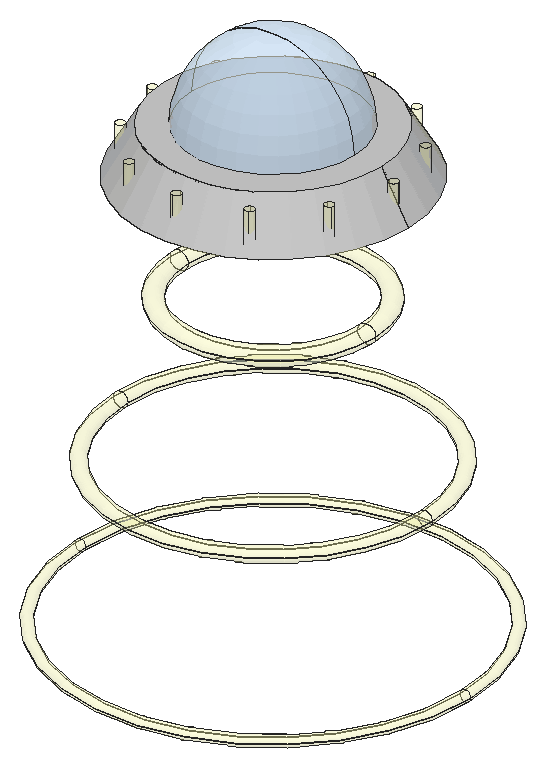
Revit family "UFO_unit", category Generic Models, Revit 2020
Family settings
  Can host rebar = No
  Round Connector Dimension = Use Diameter
  Part Type = Normal
  Work Plane-Based = Yes
  Always vertical = Yes
  Cut with Voids When Loaded = No
  Shared = No
  Room Calculation Point = No
Parameters
  show_beam [instance] = yes
  Default Elevation = 0 mm
Reference planes
  plane 1 "Center (Front/Back)": y = 0
  plane 2: z = 0
  plane 3 "Center (Left/Right)": x = 0
Forms (mm)
  Blend 1, solid
    base sketch origin (0, 0, 0) x (1, 0, 0) y (0, 1, 0)
      loop
        circle (0, 0) r 1500
    top sketch origin (0, 0, 0) x (1, 0, 0) y (0, 1, 0)
      loop
        circle (0, 0) r 1200
    from 0 to 500
  Revolve 2, solid
    sketch origin (0, 0, 0) x (1, 0, 0) y (0, 0, 1)
      loop
        arc (900, 500) -> (636.396, 1136.396) -> (0, 1400) r 900
        line (0, 1400) -> (0, 500) -> (900, 500)
      axis (0, 1400) -> (0, 500)
    angle from 0 to 360
  Extrusion 3, solid
    sketch origin (-900, 0, 0) x (1, 0, 0) y (0, 1, 0)
      loop
        circle (2234.357, 0) r 50
    from 50 to 400
  Extrusion 4, solid
    sketch origin (-779.423, 450, 0) x (0.866025, -0.5, 0) y (0.5, 0.866025, 0)
      loop
        circle (2234.357, 0) r 50
    from 50 to 400
  Extrusion 5, solid
    sketch origin (-779.423, -450, 0) x (0.866025, 0.5, 0) y (-0.5, 0.866025, 0)
      loop
        circle (2234.357, 0) r 50
    from 50 to 400
  Extrusion 6, solid
    sketch origin (-450, -779.423, 0) x (0.5, 0.866025, 0) y (-0.866025, 0.5, 0)
      loop
        circle (2234.357, 0) r 50
    from 50 to 400
  Extrusion 7, solid
    sketch origin (0, -900, 0) x (0, 1, 0) y (-1, 0, 0)
      loop
        circle (2234.357, 0) r 50
    from 50 to 400
  Extrusion 8, solid
    sketch origin (450, -779.423, 0) x (-0.5, 0.866025, 0) y (-0.866025, -0.5, 0)
      loop
        circle (2234.357, 0) r 50
    from 50 to 400
  Extrusion 9, solid
    sketch origin (779.423, -450, 0) x (-0.866025, 0.5, 0) y (-0.5, -0.866025, 0)
      loop
        circle (2234.357, 0) r 50
    from 50 to 400
  Extrusion 10, solid
    sketch origin (900, 0, 0) x (-1, 0, 0) y (0, -1, 0)
      loop
        circle (2234.357, 0) r 50
    from 50 to 400
  Extrusion 11, solid
    sketch origin (779.423, 450, 0) x (-0.866025, -0.5, 0) y (0.5, -0.866025, 0)
      loop
        circle (2234.357, 0) r 50
    from 50 to 400
  Extrusion 12, solid
    sketch origin (450, 779.423, 0) x (-0.5, -0.866025, 0) y (0.866025, -0.5, 0)
      loop
        circle (2234.357, 0) r 50
    from 50 to 400
  Extrusion 13, solid
    sketch origin (0, 900, 0) x (0, -1, 0) y (1, 0, 0)
      loop
        circle (2234.357, 0) r 50
    from 50 to 400
  Extrusion 14, solid
    sketch origin (-450, 779.423, 0) x (0.5, -0.866025, 0) y (0.866025, 0.5, 0)
      loop
        circle (2234.357, 0) r 50
    from 50 to 400
  Sweep 15, solid, visible <- "show_beam"
    path in 3D
      loop
        arc (-500, 0, 0) -> (0, -500, 0) -> (500, 0, 0) r 500
        arc (500, 0, 0) -> (0, 500, 0) -> (-500, 0, 0) r 500
    profile "profile : DD" origin (0, 500, 0) x (0, -1, 0) y (0, 0, 1)
      loop
        circle (-1629.857, -4421.73) r 60
      loop
        circle (-1183.611, -2822.233) r 80
      loop
        circle (-537.701, -1215.914) r 100
Lines and regions (mm)
  reference lines
    curve 1: circle (0, 0, 0) r 500 normal (0, 0, 1)
  sketch lines
    curve 2: circle (0, 0, 0) r 500 normal (0, 0, 1)
Dimensions and locks
  aligned and locked: plane 2 to level
